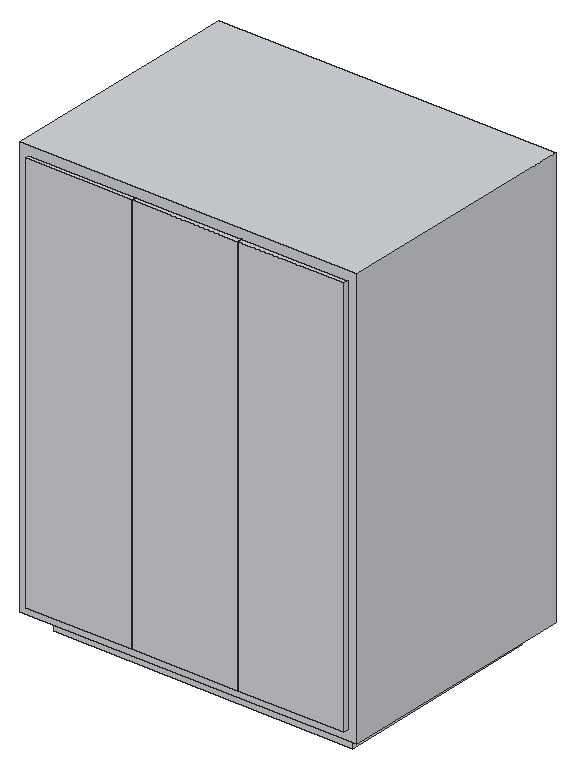
Revit family "M_Transformador tipo seco - 12000-208Y120 - NEMA tipo 1", category Equipamento elétrico, Revit 2019
Family settings
  Cota do conector redondo = Utilizar diâmetro
  Tipo de parte = Transformador
  Número OmniClass = 23.80.10.14.11
  Título OmniClass = Power Transformers
  ID de item do Seek = Dry Type Transformer - 12000-208Y120 - NEMA Type 1-0000-CAN-ENU
  Com base no plano de trabalho = Não
  Sempre na vertical = Sim
  Corte com vazios quando carregada = Não
  Compartilhado = Não
  Ponto de cálculo do ambiente = Não
Parameters (values of type "1500 kVA")
  Largura do transformador = 1372 mm
  Material do transformador = none
  Comprimento do transformador = 1829 mm
  Altura do transformador = 2388 mm
  Voltagem primária = 12000 V
  Número primário dos pólos = 3
  built-in parameter 1140079 [instance] = 3
  Classificação de carga = Transformador
  Comprimento 1 = (Comprimento do transformador - 102 mm) / 3  # 575.667 mm
  built-in parameter 1140083 [instance] = "Tipo 1"
  built-in parameter 1140087 [instance] = 1
Types (6, lengths in mm): name | Comprimento do transformador | Comprimento 1
  (no name) | 1829 | 575.667
  1000 kVA | 1829 | 575.667
  1500 kVA | 1829 | 575.667
  2000 kVA | 2134 | 677.333
  2500 kVA | 2134 | 677.333
  3000 kVA | 2438 | 778.667
Reference planes
  plane 1 "Centro (Frente/Trás)": y = 0
  plane 2: z = 0
  plane 3 "Centro (Esquerda/Direita)": x = 0
  plane 4: y = -101.6
  plane 5: y = -1372
  plane 6: y = -1346.6
  plane 7: y = -1245
  plane 8: x = 914.5
  plane 9: x = -914.5
  plane 10: x = -812.9
  plane 11: x = -863.7
  plane 12: x = 812.9
  plane 13: x = 863.7
  plane 14: z = 2388
  plane 15: z = 2337.2
  plane 16: z = 101.6
  plane 17: z = 152.4
  plane 18: x = -287.9
  plane 19: x = 287.9
Forms (mm)
  Extrusion 1, solid, material <- "Material do transformador", detail levels fine
    sketch origin (0, 0, 0) x (1, 0, 0) y (0, 1, 0)
      loop
        line (-812.9, -101.6) -> (-812.9, -1245) -> (812.9, -1245) -> (812.9, -101.6) -> (-812.9, -101.6)
    from 0 to 101.6
  Extrusion 2, solid, material <- "Material do transformador"
    sketch origin (0, 0, 0) x (1, 0, 0) y (0, 1, 0)
      loop
        line (-914.5, 0) -> (-914.5, -1346.6) -> (914.5, -1346.6) -> (914.5, 0) -> (-914.5, 0)
    from 101.6 to 2388
  Extrusion 3, solid, material <- "Material do transformador", detail levels fine
    sketch origin (0, 0, 0) x (1, 0, 0) y (0, 1, 0)
      loop
        line (-863.7, -1346.6) -> (-863.7, -1372) -> (-287.9, -1372) -> (-287.9, -1346.6) -> (-863.7, -1346.6)
    from 152.4 to 2337.2
  Extrusion 4, solid, material <- "Material do transformador", detail levels fine
    sketch origin (0, 0, 0) x (1, 0, 0) y (0, 1, 0)
      loop
        line (-287.9, -1346.6) -> (-287.9, -1372) -> (287.9, -1372) -> (287.9, -1346.6) -> (-287.9, -1346.6)
    from 152.4 to 2337.2
  Extrusion 5, solid, material <- "Material do transformador", detail levels fine
    sketch origin (0, 0, 0) x (1, 0, 0) y (0, 1, 0)
      loop
        line (287.9, -1346.6) -> (287.9, -1372) -> (863.7, -1372) -> (863.7, -1346.6) -> (287.9, -1346.6)
    from 152.4 to 2337.2
Dimensions and locks
  locked: plane 4 to plane 1 "Centro (Frente/Trás)" at 101.6
  "Largura do transformador": plane 5 to plane 1 "Centro (Frente/Trás)"
  locked: plane 5 to plane 6 at 25.4
  locked: plane 6 to plane 7 at 101.6
  "Comprimento do transformador": plane 9 to plane 8
  equal spacing: plane 9, plane 3 "Centro (Esquerda/Direita)", plane 8
  locked: plane 9 to plane 11 at 50.8
  locked: plane 9 to plane 10 at 101.6
  locked: plane 12 to plane 8 at 101.6
  locked: plane 13 to plane 8 at 50.8
  "Altura do transformador": plane 14 to plane 2
  locked: plane 14 to plane 15 at 50.8
  locked: plane 16 to plane 2 at 101.6
  locked: plane 17 to plane 16 at 50.8
  equal spacing: plane 11, plane 18, plane 19, plane 13
  aligned and locked: plane 10 to Extrusion 1 sketch curve
  aligned and locked: plane 4 to Extrusion 1 sketch curve
  aligned and locked: plane 7 to Extrusion 1 sketch curve
  aligned and locked: Extrusion 1 sketch curve to plane 12
  aligned and locked: Extrusion 1 to plane 2
  aligned and locked: plane 16 to Extrusion 1
  aligned and locked: plane 9 to Extrusion 2 sketch curve
  aligned and locked: plane 1 "Centro (Frente/Trás)" to Extrusion 2 sketch curve
  aligned and locked: plane 6 to Extrusion 2 sketch curve
  aligned and locked: Extrusion 2 sketch curve to plane 8
  aligned and locked: plane 14 to Extrusion 2
  aligned and locked: Extrusion 2 to plane 16
  aligned and locked: plane 11 to Extrusion 3 sketch curve
  aligned and locked: plane 6 to Extrusion 3 sketch curve
  aligned and locked: plane 5 to Extrusion 3 sketch curve
  aligned and locked: Extrusion 3 sketch curve to plane 18
  aligned and locked: plane 15 to Extrusion 3
  aligned and locked: Extrusion 3 to plane 17
  aligned and locked: Extrusion 3 to Extrusion 4 sketch curve
  aligned and locked: Extrusion 4 sketch curve to Extrusion 3
  aligned and locked: plane 5 to Extrusion 4 sketch curve
  aligned and locked: Extrusion 4 sketch curve to plane 19
  aligned and locked: plane 15 to Extrusion 4
  aligned and locked: Extrusion 4 to plane 17
  aligned and locked: Extrusion 4 to Extrusion 5 sketch curve
  aligned and locked: Extrusion 5 sketch curve to Extrusion 4
  aligned and locked: plane 5 to Extrusion 5 sketch curve
  aligned and locked: Extrusion 5 sketch curve to plane 13
  aligned and locked: plane 15 to Extrusion 5
  aligned and locked: Extrusion 5 to plane 17
Connectors
  electrical at (0, -673.3, 0), driven by "Voltagem primária", driven by "Número primário dos pólos", driven by "Classificação de carga"
    settings: on Extrusion 1, index 1, voltage 12000 V, apparent load 0 VA, apparent load phase1 0 VA, apparent load phase2 0 VA, apparent load phase3 0 VA, power factor 1, load classification "Transformador", number of poles 3, system type 31, power factor state 1, is connector primary yes, connector utility no, sub classification motor no, connector description ""
  cabletrayconduit at (0, -673.3, 2388), diameter 600
    settings: on Extrusion 2, index 2, connector width 300 mm, connector height 300 mm, connector angle 0.00°, system type 32, placement type 1, profile type 0, connector reference index -1, is primary connector yes, connector utility param no, connector description ""
  cabletrayconduit at (-914.5, -673.3, 1244.8), diameter 600
    settings: on Extrusion 2, index 3, connector width 300 mm, connector height 300 mm, connector angle 0.00°, system type 32, placement type 1, profile type 0, connector reference index -1, is primary connector no, connector utility param no, connector description ""
  cabletrayconduit at (914.5, -673.3, 1244.8), diameter 600
    settings: on Extrusion 2, index 4, connector width 300 mm, connector height 300 mm, connector angle 0.00°, system type 32, placement type 1, profile type 0, connector reference index -1, is primary connector no, connector utility param no, connector description ""
  cabletrayconduit at (0, 0, 1244.8), diameter 600
    settings: on Extrusion 2, index 5, connector width 300 mm, connector height 300 mm, connector angle 0.00°, system type 32, placement type 1, profile type 0, connector reference index -1, is primary connector no, connector utility param no, connector description ""
  cabletrayconduit at (0, -673.3, 0), diameter 600
    settings: on Extrusion 1, index 6, connector width 300 mm, connector height 300 mm, connector angle 0.00°, system type 32, placement type 1, profile type 0, connector reference index -1, is primary connector no, connector utility param no, connector description ""
